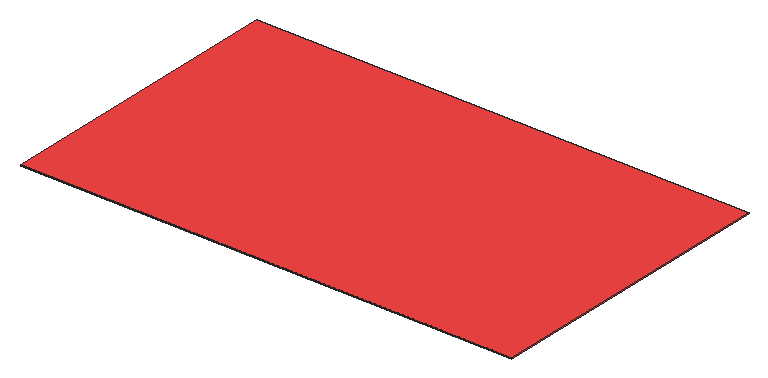
Revit family "ROTHOB_Rothoblaas_Tape_SpeedyBand", category Structural Connections, host Face, Revit 2020
Family settings
  Host = Face
  Material for Model Behavior = Other
  OmniClass Number = 23.13.23.17
  OmniClass Title = General Purpose Tape
  Enable cutting in views = Yes
  Cut with Voids When Loaded = No
  Shared = No
Parameters (values of type "SPEEDY BAND")
  WarrantyStartDate [instance] = ""
  WarrantyGuarantorParts = "n/a"  # constant formula
  WarrantyGuarantorLabor = "n/a"  # constant formula
  WarrantyDurationUnit = "n/a"  # constant formula
  WarrantyDurationParts = "n/a"  # constant formula
  WarrantyDurationLabor = "n/a"  # constant formula
  WarrantyDescription = "n/a"  # constant formula
  Version = "1"  # constant formula
  UniClass2015Version = "Products v1.33"  # constant formula
  UniClass2015Title = "Acrylic adhesive sealant tapes"  # constant formula
  UniClass2015Code = "Pr_35_90_87_02"  # constant formula
  Tipo IFC predefinito = "USERDEFINED"  # constant formula
  SustainabilityPerformance = "n/a"  # constant formula
  Size = "n/a"  # constant formula
  ShearAdhesionStrength_Joint_PP_Membrane_24hours = "120 N/50 mm"  # constant formula
  Shape = "Bidimensional"  # constant formula
  Revision = "n/a"  # constant formula
  ResistanceTemperature = "-40/+80 °C"  # constant formula
  ReplacementCost = "n/a"  # constant formula
  ObjectMaterial = ROTHOB_Rothoblaas_Polyester
  NominalWidth = "n/a"  # constant formula
  NominalLength = "n/a"  # constant formula
  ModelNumberCode = 300
  FrenchVOC_Classification = "A+"  # constant formula
  FireResistanceRating_PlainCLT_100mm_3mm_Joint = "EI 90"  # constant formula
  ExposureWeather = "12 months"  # constant formula
  Default Elevation = 1.2192 m
  ProductInformation = "https://www.rothoblaas.com/products/airtightness-and-waterproofing/tapes-and-sealants/tapes-and-profiles/speedy-band"  # constant formula
  OmniClassVersion = "2012-05-16"  # constant formula
  OmniClassTitle = "General Purpose Tape"  # constant formula
  OmniClassCode = "23.13 23.17"  # constant formula
  NominalHeight = "n/a"  # constant formula
  InstallationDate [instance] = ""
  Length_L [instance] = 0.50 m
  Name = "Tape"  # constant formula
  ModelReference = "n/a"  # constant formula
  ModelNumber = "n/a"  # constant formula
  ModelDisclaimer = "The latest version of the data sheets can be found on our website"  # constant formula
  Material = "Polyester"  # constant formula
  ManufacturerURL = "www.rothoblaas.com"  # constant formula
  ManufacturerName = "ROTHO BLAAS SRL"  # constant formula
  Manufacturer = "info@rothoblaas.com"  # constant formula
  IfcExportType = "USERDEFINED"  # constant formula
  IfcExportAs = "IfcBuildingElementProxyType"  # constant formula
  Width_B [instance] = 0.30 m
  Grade = "n/a"  # constant formula
  Finish = "PE film"  # constant formula
  Features = "n/a"  # constant formula
  ExpectedLife = "n/a"  # constant formula
  Esporta tipo in formato IFC con nome = "IfcBuildingElementProxyType"  # constant formula
  DurationUnit = "Years"  # constant formula
  Description = "Universal single-sided tape without release liner"  # constant formula
  Constituents = "n/a"  # constant formula
  Color = "White and red"  # constant formula
  CodePerformance = "n/a"  # constant formula
  Category = "Pr_35_90_87_02 - Acrylic adhesive sealant tapes"  # constant formula
  BIMObjectName = "ROTHOB_Rothoblaas_Tape_SpeedyBand"  # constant formula
  PassiveHouseTitle = "Surface Air Sealing"  # constant formula
  PassiveHouseCode = "1457as00"  # constant formula
  Author = "Vitor Ferronato"  # constant formula
  AssetType = "n/a"  # constant formula
  ApplicationTemperature = "-10/+ 40 °C"  # constant formula
  AdhesionStrength_Average_PP_Membrane_24hours = "26,0 N/50 mm"  # constant formula
  AdhesionStrengthOSB_90°_10minutes = "4,8 N/10 mm"  # constant formula
  AdhesionStrengthOSB_180°_10minutes = "11,0 N/10 mm"  # constant formula
  AccessibilityPerformance = "n/a"  # constant formula
Reference planes (m)
  plane 1 "Centro (Fronte/Retro)": y = 0
  plane 2: z = 0
  plane 3 "Centro (Sinistra/Destra)": x = 0
  plane 4: y = 0.15
  plane 5: y = -0.15
  plane 6: x = -0.25
  plane 7: x = 0.25
  plane 8: z = 0.001
Forms (m)
  Extrusion 1, solid, material "ROTHOB_Rothoblaas_Polyester" <- "ObjectMaterial"
    sketch origin (0, 0, 0) x (1, 0, 0) y (0, 1, 0)
      loop
        line (-0.25, 0.15) -> (-0.25, -0.15) -> (0.25, -0.15) -> (0.25, 0.15) -> (-0.25, 0.15)
    from 0 to 0.001
Dimensions and locks (m)
  equal spacing: host sketch curve, plane 3 "Centro (Sinistra/Destra)", host sketch curve
  host sketch curve to host sketch curve = 0.587243 m
  equal spacing: host sketch curve, plane 1 "Centro (Fronte/Retro)", host sketch curve
  host sketch curve to host sketch curve = 0.40 m
  equal spacing: plane 6, plane 3 "Centro (Sinistra/Destra)", plane 7
  "Length_L": plane 6 to plane 7
  equal spacing: plane 4, plane 1 "Centro (Fronte/Retro)", plane 5
  "Width_B": plane 4 to plane 5
  plane 8 to plane 2 = 0.001 m
  aligned and locked: plane 2 to host face
  aligned and locked: level to host face
  aligned and locked: plane 7 to Extrusion 1 sketch curve
  aligned and locked: plane 6 to Extrusion 1 sketch curve
  aligned and locked: Extrusion 1 sketch curve to plane 4
  aligned and locked: Extrusion 1 sketch curve to plane 5
  aligned and locked: plane 8 to Extrusion 1
